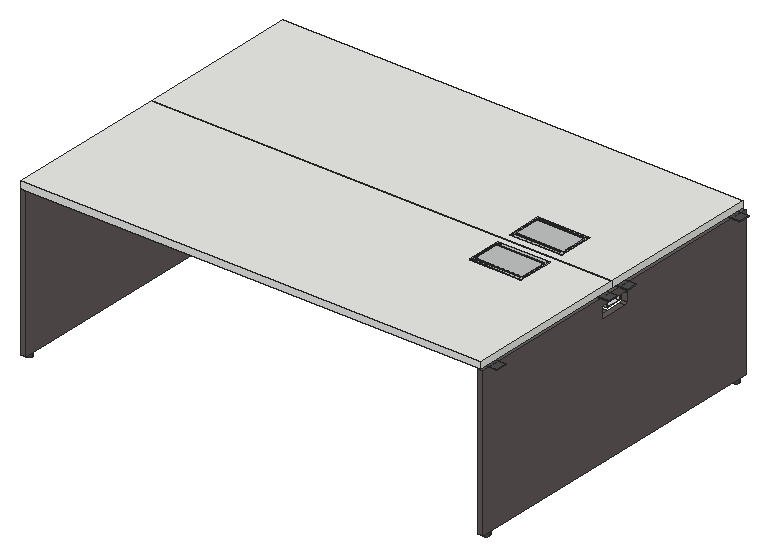
Revit family "Spine_Desks-Teknion-RMDSL_Spine_Desk_Shared_Left_End_Position-R2019", category Furniture, Revit 2019
Family settings
  OmniClass Number = 23.40.20.00
  OmniClass Title = General Furniture and Specialties
  Work Plane-Based = No
  Always vertical = Yes
  Cut with Voids When Loaded = No
  Shared = Yes
  Room Calculation Point = No
Parameters (values of type "Access Door Right, Raised Modesty Panel")
  Worksurface Grommet / Access Door Finish [instance] = Paint - Teknion - Mica - Platinum
  Worksurface Finish [instance] = Foundation Laminate - Teknion - XG - Very White
  Width [instance] = 84.000"
  Warranty = "http://www.teknion.com/ca/papers/legal-canada"
  Unit Weight URL = "http://www.teknion.com/ca/tools/assets#&asset=bee6a381-b954-425e-8283-5a2de3a804f2,f828d448-4b62-4231-9e5f-9a8991c0ed77"
  Underside Plate Offset [instance] = if(Has Full Intermediate Gable, 1.339", 0.610")  # 1.339"
  URL = "www.teknion.com"
  To render please download texture images found here [instance] = "https://assets.teknion.com/web/5e81352c1dfdb467/revit-material-swatches/"
  Sustainability Data = "https://www.teknion.com/ca/tools/assets#&topic=216f99a5-57a0-44fc-b10a-9dee9b29ae4c&asset=444deb64-fe58-4b68-981e-f75e97781df7,b4ff2d81-9f2e-437d-9659-7cffb09c31cf"
  Series = "Expansion Desking"  # constant formula
  Right Access Door = yes
  Product Page URL = "https://www.teknion.com/ca/products/product-details?productLineId=2b4e336e-8e7a-673b-a6c8-ff00004460c4"
  Product Line = "Expansion Desking"  # constant formula
  Product Documentation Link = "https://www.teknion.com/pricing/expansion-desking/pdfs/RMDSL_ppg.pdf"
  Part Number = "RMDSL"  # constant formula
  Modesty Panel and Intermediate Panel Finish [instance] = Veneer - Teknion - VB - Flintwood - Black Walnut
  Model = "RMDSL_RR_____"
  Manufacturer Phone = "416-661-3370"  # constant formula
  Manufacturer Fax = "416.661.4586"  # constant formula
  Manufacturer Contact Information = "http://www.teknion.com/ca/contactus"
  Manufacturer Address = "1150 Flint Road, Toronto, ON. M3J 2J5. Canada"  # constant formula
  Manufacturer = "Teknion"  # constant formula
  Middle Access Door = no
  Left Access Door = no
  Intermediate Gable Options [instance] = "Select one option below:"  # constant formula
  Intermediate Gable Offset [instance] = if(Has Full Intermediate Gable, 0.000", 13.039")  # 0.000"
  How To Use Teknion Materials User Guide [instance] = "https://assets.teknion.com/m/205dd0a49fa58060/original/How-to-add-a-Material-Library-and-Texture-Images-to-your-Revit-project.pdf"
  Has Half Intermediate Gable [instance] = not(Has Full Intermediate Gable)  # no
  Has Full Intermediate Gable [instance] = yes
  Has Full End Gable No Grommet [instance] = not(Has Full End Gable Grommet)  # yes
  Has Full End Gable Grommet [instance] = no
  Full End Gable Grommet Options [instance] = "Select one option below:"  # constant formula
  Full End Gable Finish [instance] = Veneer - Teknion - VB - Flintwood - Black Walnut
  Front Access Panel Cutout Offset [instance] = if(Offset Left Access Door, 15.000", if(Offset Right  Access Door, Width - 15.000", if(Left Access Door, 15.000", if(Middle Access Door, Width / 2, Width - 15.000"))))  # 69.000"
  For Additional Finishes please visit [instance] = "https://assets.teknion.com/m/44a8009b046e5d47/original/Teknion_Materials_Library.zip"
  Offset Right  Access Door = no
  Description = "Spine Desk - Shared - Left-End Position, Raised Modesty Panel, Access Door Right"
  Depth [instance] = 60.000"
  Offset Left Access Door = no
  Connection Node Visibility [instance] = yes
  Center Grommet Cutout [instance] = if(Centered Rectangular Grommet, 3.000", 0.500")  # 0.500"
  Centered Rectangular Grommet = no
  Both End Grommet Cutout [instance] = if(Both Ends Rectangular Grommet, 3.000", 0.500")  # 0.500"
  Back Access Panel Cutout Offset [instance] = if(Offset Left Access Door, Width - 15.000", if(Offset Right  Access Door, 15.000", if(Left Access Door, 15.000", if(Middle Access Door, Width / 2, Width - 15.000"))))  # 69.000"
  Both Ends Rectangular Grommet = no
  Available Width [instance] = if(or(Both Ends Rectangular Grommet, Left Access Door, Right Access Door), "48\", 54\", 60\", 66\", 72\", 78\", or 84\"", if(or(Offset Left Access Door, Offset Right  Access Door), "60\", 66\", 72\", 78\", or 84\"", "30\", 36\", 42\", 48\", 54\", 60\", 66\", 72\", 78\", or 84\""))  # "48\", 54\", 60\", 66\", 72\", 78\", or 84\""
  Available Depth [instance] = "48\", or 60\""  # constant formula
  Assembly Code = "E2020200"
  Access Door Cutout [instance] = if(Access Door, 3.000", 0.500")  # 3.000"
  Access Door = or(Offset Left Access Door, Offset Right  Access Door, Left Access Door, Middle Access Door, Right Access Door)  # yes
Reference planes (in)
  plane 1 "Center Front/Back": y = 0
  plane 2: z = 0
  plane 3 "Center Left/Right": x = 0
  plane 4 "Left": x = -42
  plane 5 "Right": x = 42
  plane 6 "Back": y = 30
  plane 7 "Front": y = -30
  plane 8 "Top": z = 29
  plane 9 "Front Access Panel": x = 27
  plane 10 "Back Access Panel": x = 27
Forms (in)
  Sweep 1, solid, material "Veneer - Teknion - VB - Flintwood - Black Walnut" <- "Modesty Panel and Intermediate Panel Finish"
    path origin (0, 0, 0) x (1, 0, 0) y (0, 0, 1)
      loop
        line (0, 0.60236) -> (0, 27.69134)
    profile origin (0, 0, 14.14685) x (-1, 0, 0) y (0, -1, 0)
      loop
        line (-41.49213, -30) -> (-41.49213, 30) -> (-42.50788, 30) -> (-42.50788, -30) -> (-41.49213, -30)
  Sweep 2, solid, material "Veneer - Teknion - VB - Flintwood - Black Walnut" <- "Modesty Panel and Intermediate Panel Finish"
    path origin (0, 0, 0) x (1, 0, 0) y (0, 0, 1)
      loop
        line (0, 8.8376) -> (0, 23.5626)
    profile origin (0, 0, 16.2001) x (-1, 0, 0) y (0, -1, 0)
      loop
        line (40.98425, -0.50787) -> (40.98425, 0.50787) -> (-41.49213, 0.50787) -> (-41.49213, -0.50787) -> (40.98425, -0.50787)
  Sweep 3, solid, material "Foundation Laminate - Teknion - XG - Very White" <- "Worksurface Finish"
    path origin (0, 0, 0) x (1, 0, 0) y (0, 0, 1)
      loop
        line (0, 27.81102) -> (0, 29)
    profile origin (0, 0, 28.40551) x (-1, 0, 0) y (0, -1, 0)
      loop
        line (42, -30) -> (42, 0) -> (-42, 0) -> (-42, -30) -> (42, -30)
  Sweep 4, solid, material "Foundation Laminate - Teknion - XG - Very White" <- "Worksurface Finish"
    path origin (0, 0, 0) x (1, 0, 0) y (0, 0, 1)
      loop
        line (0, 27.81102) -> (0, 29)
    profile origin (0, 0, 28.40551) x (-1, 0, 0) y (0, -1, 0)
      loop
        line (42, 0) -> (42, 30) -> (-42, 30) -> (-42, 0) -> (42, 0)
  Sweep 5, solid
    path origin (0, 0, 0) x (1, 0, 0) y (0, 1, 0)
      loop
        line (-39, 0) -> (39, 0)
    profile origin (0, 0, 0) x (0, 1, 0) y (0, 0, 1)
      loop
        line (5.14456, 25.62599) -> (5.58984, 24.79327) -> (5.58984, 22.38189) -> (2.91599, 22.38189) -> (2.29137, 23.55663) -> (1.97556, 23.49525) -> (1.96166, 23.56674) -> (1.75495, 23.52657) -> (1.79627, 23.31401) -> (2.00298, 23.35419) -> (1.98908, 23.42568) -> (2.25341, 23.47707) -> (2.87341, 22.31102) -> (5.6607, 22.31102) -> (5.6607, 24.81102) -> (5.11966, 25.82283) -> (4.88189, 25.82283) -> (4.88189, 25.62599) -> (5.14456, 25.62599)
      loop
        line (-5.14456, 25.62599) -> (-4.88189, 25.62599) -> (-4.88189, 25.82283) -> (-5.11966, 25.82283) -> (-5.6607, 24.81102) -> (-5.6607, 22.31102) -> (-2.87341, 22.31102) -> (-2.25341, 23.47707) -> (-1.98908, 23.42568) -> (-2.00298, 23.35419) -> (-1.79627, 23.31401) -> (-1.75495, 23.52657) -> (-1.96166, 23.56674) -> (-1.97556, 23.49525) -> (-2.29137, 23.55663) -> (-2.91599, 22.38189) -> (-5.58984, 22.38189) -> (-5.58984, 24.79327) -> (-5.14456, 25.62599)
  Sweep 6, solid, material "Paint - Teknion - Foundation - Ebony"
    path origin (0, 0, 0) x (1, 0, 0) y (0, 0, 1)
      loop
        line (0, 27.69134) -> (0, 27.81102)
    profile origin (0, 0, 27.75118) x (-1, 0, 0) y (0, -1, 0)
      loop
        line (40.01969, -26.62205) -> (40.01969, -28.62205) -> (41.83071, -28.62205) -> (41.83071, -26.62205) -> (40.01969, -26.62205)
      loop
        line (40.01969, 28.62205) -> (40.01969, 26.62205) -> (41.83071, 26.62205) -> (41.83071, 28.62205) -> (40.01969, 28.62205)
      loop
        line (40.01969, -3.09449) -> (41.83071, -3.09449) -> (41.83071, -1.09449) -> (40.01969, -1.09449) -> (40.01969, -3.09449)
      loop
        line (40.01969, 3.09449) -> (40.01969, 1.09449) -> (41.83071, 1.09449) -> (41.83071, 3.09449) -> (40.01969, 3.09449)
      loop
        line (-40, -3.09449) -> (-40, -1.09449) -> (-44, -1.09449) -> (-44, -3.09449) -> (-40, -3.09449)
      loop
        line (-40, 1.09449) -> (-40, 3.09449) -> (-44, 3.09449) -> (-44, 1.09449) -> (-40, 1.09449)
      loop
        line (-40, -28.661) -> (-40, -26.661) -> (-44, -26.661) -> (-44, -28.661) -> (-40, -28.661)
      loop
        line (-40, 28.661) -> (-44, 28.661) -> (-44, 26.661) -> (-40, 26.661) -> (-40, 28.661)
  Sweep 7, solid, material "Veneer - Teknion - VB - Flintwood - Black Walnut" <- "Full End Gable Finish"
    path origin (0, 0, 0) x (1, 0, 0) y (0, 0, 1)
      loop
        line (0, 27.69134) -> (0, 0.60236)
    profile origin (0, 0, 14.14685) x (0, -1, 0) y (1, 0, 0)
      loop
        line (-30, -40.98425) -> (-30, -42) -> (30, -42) -> (30, -40.98425) -> (-30, -40.98425)
  Sweep 8, void
    path origin (0, 0, 0) x (1, 0, 0) y (0, 1, 0)
      loop
        line (40.5, 0) -> (43.5, 0)
    profile origin (42, 0, 0) x (0, 1, 0) y (0, 0, 1)
      loop
        line (2.53937, 26.45177) -> (-2.53937, 26.45177)
        arc (-2.53937, 26.45177) -> (-2.83191, 26.33046) -> (-2.95276, 26.03772) r 0.41339
        line (-2.95276, 26.03772) -> (-2.95276, 24.50229)
        arc (-2.95276, 24.50229) -> (-2.83144, 24.21041) -> (-2.53937, 24.08957) r 0.41339
        line (-2.53937, 24.08957) -> (2.53937, 24.08957)
        arc (2.53937, 24.08957) -> (2.83168, 24.21065) -> (2.95276, 24.50295) r 0.41339
        line (2.95276, 24.50295) -> (2.95276, 26.03838)
        arc (2.95276, 26.03838) -> (2.83168, 26.33069) -> (2.53937, 26.45177) r 0.41339
  Sweep 9, solid, material "Paint - Teknion - Mica - Platinum" <- "Worksurface Grommet / Access Door Finish", visible <- "Both Ends Rectangular Grommet"
    path origin (0, 0, 0) x (1, 0, 0) y (0, 0, 1)
      loop
        line (0, 29.15748) -> (0, 29)
    profile origin (0, 0, 29.07874) x (0, -1, 0) y (1, 0, 0)
      loop
        line (-6.50077, -40.57716) -> (-3.65671, -40.57716) -> (-3.65671, -37.72893) -> (-6.50077, -37.72893) -> (-6.50077, -40.57716)
      loop
        line (3.65671, -40.57716) -> (6.50077, -40.57716) -> (6.50077, -37.72893) -> (3.65671, -37.72893) -> (3.65671, -40.57716)
      loop
        line (-6.50077, 37.72893) -> (-3.65671, 37.72893) -> (-3.65671, 40.57716) -> (-6.50077, 40.57716) -> (-6.50077, 37.72893)
      loop
        line (3.65671, 37.72893) -> (6.50077, 37.72893) -> (6.50077, 40.57716) -> (3.65671, 40.57716) -> (3.65671, 37.72893)
  Sweep 10, solid, material "Paint - Teknion - Mica - Platinum" <- "Worksurface Grommet / Access Door Finish", visible <- "Both Ends Rectangular Grommet"
    path origin (0, 0, 0) x (1, 0, 0) y (0, 0, 1)
      loop
        line (0, 29.15748) -> (0, 29)
    profile origin (0, 0, 29.07874) x (0, -1, 0) y (1, 0, 0)
      loop
        line (-6.50077, -37.72893) -> (-5.29141, -37.72893) -> (-5.29141, -35.45033) -> (-4.86607, -35.45033) -> (-4.86607, -37.72893) -> (-3.65671, -37.72893) -> (-3.65671, -33.92284) -> (-6.50077, -33.92284) -> (-6.50077, -37.72893)
      loop
        line (6.50077, -37.72893) -> (6.50077, -33.92284) -> (3.65671, -33.92284) -> (3.65671, -37.72893) -> (4.86607, -37.72893) -> (4.86607, -35.45033) -> (5.29141, -35.45033) -> (5.29141, -37.72893) -> (6.50077, -37.72893)
      loop
        line (-6.50077, 37.72893) -> (-6.50077, 33.92284) -> (-3.65671, 33.92284) -> (-3.65671, 37.72893) -> (-4.86607, 37.72893) -> (-4.86607, 35.45033) -> (-5.29141, 35.45033) -> (-5.29141, 37.72893) -> (-6.50077, 37.72893)
      loop
        line (6.50077, 37.72893) -> (5.29141, 37.72893) -> (5.29141, 35.45033) -> (4.86607, 35.45033) -> (4.86607, 37.72893) -> (3.65671, 37.72893) -> (3.65671, 33.92284) -> (6.50077, 33.92284) -> (6.50077, 37.72893)
  Sweep 11, solid, material "Paint - Teknion - Mica - Platinum" <- "Worksurface Grommet / Access Door Finish", visible <- "Centered Rectangular Grommet"
    path origin (0, 0, 0) x (1, 0, 0) y (0, 0, 1)
      loop
        line (0, 29) -> (0, 29.15748)
    profile origin (0, 0, 29.07874) x (-1, 0, 0) y (0, -1, 0)
      loop
        line (3.32716, -6.50077) -> (3.32716, -3.65671) -> (0.47893, -3.65671) -> (0.47893, -6.50077) -> (3.32716, -6.50077)
      loop
        line (-0.47893, 3.65671) -> (-0.47893, 6.50077) -> (-3.32716, 6.50077) -> (-3.32716, 3.65671) -> (-0.47893, 3.65671)
  Sweep 12, solid, material "Paint - Teknion - Mica - Platinum" <- "Worksurface Grommet / Access Door Finish", visible <- "Centered Rectangular Grommet"
    path origin (0, 0, 0) x (1, 0, 0) y (0, 0, 1)
      loop
        line (0, 29) -> (0, 29.15748)
    profile origin (0, 0, 29.07874) x (-1, 0, 0) y (0, -1, 0)
      loop
        line (0.47893, -6.50077) -> (0.47893, -5.29141) -> (-1.79967, -5.29141) -> (-1.79967, -4.86607) -> (0.47893, -4.86607) -> (0.47893, -3.65671) -> (-3.32716, -3.65671) -> (-3.32716, -6.50077) -> (0.47893, -6.50077)
      loop
        line (-0.47893, 6.50077) -> (-0.47893, 5.29141) -> (1.79967, 5.29141) -> (1.79967, 4.86607) -> (-0.47893, 4.86607) -> (-0.47893, 3.65671) -> (3.32716, 3.65671) -> (3.32716, 6.50077) -> (-0.47893, 6.50077)
  Sweep 13, solid, material "Paint - Teknion - Mica - Platinum" <- "Worksurface Grommet / Access Door Finish", visible <- "Access Door"
    path origin (0, 0, 0) x (1, 0, 0) y (0, 0, 1)
      loop
        line (0, 29.07874) -> (0, 29)
    profile origin (0, 0, 29.03937) x (0, -1, 0) y (1, 0, 0)
      loop
        line (1.39665, 22.27559) -> (7.85335, 22.27559) -> (7.85335, 31.72441) -> (1.39665, 31.72441) -> (1.39665, 22.27559)
      loop
        line (7.53839, 22.59055) -> (7.53839, 31.40945) -> (1.71161, 31.40945) -> (1.71161, 22.59055) -> (7.53839, 22.59055)
      loop
        line (2.24311, 22.62992) -> (7.00689, 22.62992) -> (7.00689, 31.37008) -> (2.24311, 31.37008) -> (2.24311, 22.62992)
      loop
        line (-1.39665, 31.72441) -> (-7.85335, 31.72441) -> (-7.85335, 22.27559) -> (-1.39665, 22.27559) -> (-1.39665, 31.72441)
      loop
        line (-7.53839, 31.40945) -> (-7.53839, 22.59055) -> (-1.71161, 22.59055) -> (-1.71161, 31.40945) -> (-7.53839, 31.40945)
      loop
        line (-2.24311, 31.37008) -> (-7.00689, 31.37008) -> (-7.00689, 22.62992) -> (-2.24311, 22.62992) -> (-2.24311, 31.37008)
  Sweep 14, void
    path origin (0, 0, 0) x (1, 0, 0) y (0, 0, 1)
      loop
        line (0, 30) -> (0, 27)
    profile origin (0, 0, 28.5) x (0, -1, 0) y (1, 0, 0)
      loop
        line (1.8937, 22.375) -> (7.3563, 22.375)
        arc (7.3563, 22.375) -> (7.63469, 22.49031) -> (7.75, 22.7687) r 0.3937
        line (7.75, 22.7687) -> (7.75, 31.2313)
        arc (7.75, 31.2313) -> (7.63469, 31.50969) -> (7.3563, 31.625) r 0.3937
        line (7.3563, 31.625) -> (1.8937, 31.625)
        arc (1.8937, 31.625) -> (1.61531, 31.50969) -> (1.5, 31.2313) r 0.3937
        line (1.5, 31.2313) -> (1.5, 22.7687)
        arc (1.5, 22.7687) -> (1.61531, 22.49031) -> (1.8937, 22.375) r 0.3937
      loop
        line (-7.3563, 22.375) -> (-1.8937, 22.375)
        arc (-1.8937, 22.375) -> (-1.61531, 22.49031) -> (-1.5, 22.7687) r 0.3937
        line (-1.5, 22.7687) -> (-1.5, 31.2313)
        arc (-1.5, 31.2313) -> (-1.61531, 31.50969) -> (-1.8937, 31.625) r 0.3937
        line (-1.8937, 31.625) -> (-7.3563, 31.625)
        arc (-7.3563, 31.625) -> (-7.63469, 31.50969) -> (-7.75, 31.2313) r 0.3937
        line (-7.75, 31.2313) -> (-7.75, 22.7687)
        arc (-7.75, 22.7687) -> (-7.63469, 22.49031) -> (-7.3563, 22.375) r 0.3937
  Sweep 15, void
    path origin (0, 0, 0) x (1, 0, 0) y (0, 0, 1)
      loop
        line (0, 29.5) -> (0, 30)
    profile origin (0, 0, 29.75) x (-1, 0, 0) y (0, -1, 0)
      loop
        line (0.29194, -6.10495) -> (2.1422, -5.57859)
        arc (2.1422, -5.57859) -> (2.51969, -5.07874) -> (2.1422, -4.57889) r 0.51969
        line (2.1422, -4.57889) -> (0.29194, -4.05253)
        arc (0.29194, -4.05253) -> (0, -4.01181) -> (-0.29194, -4.05253) r 1.06693
        line (-0.29194, -4.05253) -> (-2.1422, -4.57889)
        arc (-2.1422, -4.57889) -> (-2.51968, -5.07874) -> (-2.1422, -5.57859) r 0.51969
        line (-2.1422, -5.57859) -> (-0.29194, -6.10495)
        arc (-0.29194, -6.10495) -> (0, -6.14567) -> (0.29194, -6.10495) r 1.06693
      loop
        line (0.29194, 4.05253) -> (2.1422, 4.57889)
        arc (2.1422, 4.57889) -> (2.51968, 5.07874) -> (2.1422, 5.57859) r 0.51969
        line (2.1422, 5.57859) -> (0.29194, 6.10495)
        arc (0.29194, 6.10495) -> (0, 6.14567) -> (-0.29194, 6.10495) r 1.06693
        line (-0.29194, 6.10495) -> (-2.1422, 5.57859)
        arc (-2.1422, 5.57859) -> (-2.51969, 5.07874) -> (-2.1422, 4.57889) r 0.51969
        line (-2.1422, 4.57889) -> (-0.29194, 4.05253)
        arc (-0.29194, 4.05253) -> (0, 4.01181) -> (0.29194, 4.05253) r 1.06693
  Sweep 16, void
    path origin (0, 0, 0) x (1, 0, 0) y (0, 0, 1)
      loop
        line (0, 30) -> (0, 29.5)
    profile origin (0, 0, 29.75) x (0, -1, 0) y (1, 0, 0)
      loop
        line (-6.10495, -37.54194) -> (-5.57859, -39.3922)
        arc (-5.57859, -39.3922) -> (-5.07874, -39.76968) -> (-4.57889, -39.3922) r 0.51969
        line (-4.57889, -39.3922) -> (-4.05253, -37.54194)
        arc (-4.05253, -37.54194) -> (-4.01181, -37.25) -> (-4.05253, -36.95806) r 1.06693
        line (-4.05253, -36.95806) -> (-4.57889, -35.1078)
        arc (-4.57889, -35.1078) -> (-5.07874, -34.73032) -> (-5.57859, -35.1078) r 0.51969
        line (-5.57859, -35.1078) -> (-6.10495, -36.95806)
        arc (-6.10495, -36.95806) -> (-6.14567, -37.25) -> (-6.10495, -37.54194) r 1.06693
      loop
        line (4.05253, -37.54193) -> (4.57889, -39.3922)
        arc (4.57889, -39.3922) -> (5.07874, -39.76968) -> (5.57859, -39.3922) r 0.51969
        line (5.57859, -39.3922) -> (6.10495, -37.54193)
        arc (6.10495, -37.54193) -> (6.14567, -37.25) -> (6.10495, -36.95806) r 1.06693
        line (6.10495, -36.95806) -> (5.57859, -35.1078)
        arc (5.57859, -35.1078) -> (5.07874, -34.73031) -> (4.57889, -35.1078) r 0.51969
        line (4.57889, -35.1078) -> (4.05253, -36.95806)
        arc (4.05253, -36.95806) -> (4.01181, -37.25) -> (4.05253, -37.54193) r 1.06693
      loop
        line (-6.10495, 36.95807) -> (-5.57859, 35.1078)
        arc (-5.57859, 35.1078) -> (-5.07874, 34.73032) -> (-4.57889, 35.1078) r 0.51969
        line (-4.57889, 35.1078) -> (-4.05253, 36.95807)
        arc (-4.05253, 36.95807) -> (-4.01181, 37.25) -> (-4.05253, 37.54194) r 1.06693
        line (-4.05253, 37.54194) -> (-4.57889, 39.3922)
        arc (-4.57889, 39.3922) -> (-5.07874, 39.76969) -> (-5.57859, 39.3922) r 0.51969
        line (-5.57859, 39.3922) -> (-6.10495, 37.54194)
        arc (-6.10495, 37.54194) -> (-6.14567, 37.25) -> (-6.10495, 36.95807) r 1.06693
      loop
        line (4.05253, 36.95807) -> (4.57889, 35.10781)
        arc (4.57889, 35.10781) -> (5.07874, 34.73032) -> (5.57859, 35.10781) r 0.51969
        line (5.57859, 35.10781) -> (6.10495, 36.95807)
        arc (6.10495, 36.95807) -> (6.14567, 37.25) -> (6.10495, 37.54194) r 1.06693
        line (6.10495, 37.54194) -> (5.57859, 39.3922)
        arc (5.57859, 39.3922) -> (5.07874, 39.76969) -> (4.57889, 39.3922) r 0.51969
        line (4.57889, 39.3922) -> (4.05253, 37.54194)
        arc (4.05253, 37.54194) -> (4.01181, 37.25) -> (4.05253, 36.95807) r 1.06693
  Sweep 17, solid, material "Paint - Teknion - Mica - Platinum" <- "Worksurface Grommet / Access Door Finish", visible <- "Has Full End Gable Grommet"
    path origin (0, 0, 0) x (1, 0, 0) y (0, 1, 0)
      loop
        line (-42, 0) -> (-42.05906, 0)
    profile origin (-42.02953, 0, 0) x (0, -1, 0) y (0, 0, 1)
      loop
        arc (-3.89567, 26.38878) -> (-4.7874, 26.51116) -> (-5.67913, 26.38878) r 3.3101
        line (-5.67913, 26.38878) -> (-5.67913, 22.38091)
        arc (-5.67913, 22.38091) -> (-4.7874, 22.25853) -> (-3.89567, 22.38091) r 3.3101
        line (-3.89567, 22.38091) -> (-3.89567, 26.38878)
      loop
        line (3.89567, 26.38878) -> (3.89567, 22.38091)
        arc (3.89567, 22.38091) -> (4.7874, 22.25853) -> (5.67913, 22.38091) r 3.3101
        line (5.67913, 22.38091) -> (5.67913, 26.38878)
        arc (5.67913, 26.38878) -> (4.7874, 26.51116) -> (3.89567, 26.38878) r 3.3101
  Sweep 18, solid, material "Plastic - Teknion - E - Ebony"
    path origin (0, 0, 0) x (1, 0, 0) y (0, 0, 1)
      loop
        line (0, 0) -> (0, 0.60236)
    profile origin (0, 0, 0.30118) x (-1, 0, 0) y (0, -1, 0)
      loop
        circle (41.49213, -28.50067) r 0.5
      loop
        circle (41.49213, 28.50067) r 0.5
      loop
        circle (-42, 28.49929) r 0.5
      loop
        circle (-42, -28.49929) r 0.5
Cuts and joins
  Sweep 8 cuts Sweep 1
  Sweep 14, Sweep 15, Sweep 16 cuts Sweep 3
  Sweep 14, Sweep 15, Sweep 16 cuts Sweep 4
Lines and regions (in)
  Masking region 1
    outline origin (0, 0, 0) x (1, 0, 0) y (0, 1, 0)
      loop
        line (-42, -30) -> (42, -30) -> (42, 0) -> (-42, 0) -> (-42, -30)
  Masking region 2
    outline origin (0, 0, 0) x (1, 0, 0) y (0, 1, 0)
      loop
        line (42, 30) -> (-42, 30) -> (-42, 0) -> (42, 0) -> (42, 30)
  symbolic lines, visible <- "Access Door"
    curve 1: line (22.27559, -1.39665, 0) -> (22.27559, -7.85335, 0)
    curve 2: line (22.27559, -7.85335, 0) -> (31.72441, -7.85335, 0)
    curve 3: line (31.72441, -7.85335, 0) -> (31.72441, -1.39665, 0)
    curve 4: line (31.72441, -1.39665, 0) -> (22.27559, -1.39665, 0)
    curve 5: line (22.59055, -7.53839, 0) -> (22.59055, -1.71161, 0)
    curve 6: line (22.59055, -1.71161, 0) -> (31.40945, -1.71161, 0)
    curve 7: line (31.40945, -1.71161, 0) -> (31.40945, -7.53839, 0)
    curve 8: line (31.40945, -7.53839, 0) -> (22.59055, -7.53839, 0)
    curve 9: line (22.62992, -7.00689, 0) -> (31.37008, -7.00689, 0)
    curve 10: line (31.37008, -7.00689, 0) -> (31.37008, -2.24311, 0)
    curve 11: line (31.37008, -2.24311, 0) -> (22.62992, -2.24311, 0)
    curve 12: line (22.62992, -2.24311, 0) -> (22.62992, -7.00689, 0)
    curve 13: line (31.72441, 7.85335, 0) -> (22.27559, 7.85335, 0)
    curve 14: line (22.27559, 7.85335, 0) -> (22.27559, 1.39665, 0)
    curve 15: line (22.27559, 1.39665, 0) -> (31.72441, 1.39665, 0)
    curve 16: line (31.72441, 1.39665, 0) -> (31.72441, 7.85335, 0)
    curve 17: line (22.59055, 7.53839, 0) -> (31.40945, 7.53839, 0)
    curve 18: line (31.40945, 7.53839, 0) -> (31.40945, 1.71161, 0)
    curve 19: line (31.40945, 1.71161, 0) -> (22.59055, 1.71161, 0)
    curve 20: line (22.59055, 1.71161, 0) -> (22.59055, 7.53839, 0)
    curve 21: line (31.37008, 7.00689, 0) -> (22.62992, 7.00689, 0)
    curve 22: line (22.62992, 7.00689, 0) -> (22.62992, 2.24311, 0)
    curve 23: line (22.62992, 2.24311, 0) -> (31.37008, 2.24311, 0)
    curve 24: line (31.37008, 2.24311, 0) -> (31.37008, 7.00689, 0)
  symbolic lines, visible <- "Both Ends Rectangular Grommet"
    curve 25: line (-37.72893, 6.50077, 0) -> (-40.57716, 6.50077, 0)
    curve 26: line (-40.57716, 6.50077, 0) -> (-40.57716, 3.65671, 0)
    curve 27: line (-40.57716, 3.65671, 0) -> (-37.72893, 3.65671, 0)
    curve 28: line (-37.72893, 3.65671, 0) -> (-37.72893, 6.50077, 0)
    curve 29: line (-37.72893, -3.65671, 0) -> (-40.57716, -3.65671, 0)
    curve 30: line (-40.57716, -3.65671, 0) -> (-40.57716, -6.50077, 0)
    curve 31: line (-40.57716, -6.50077, 0) -> (-37.72893, -6.50077, 0)
    curve 32: line (-37.72893, -6.50077, 0) -> (-37.72893, -3.65671, 0)
    curve 33: line (-33.92284, -3.65671, 0) -> (-37.72893, -3.65671, 0)
    curve 34: line (-37.72893, -3.65671, 0) -> (-37.72893, -4.86607, 0)
    curve 35: line (-37.72893, -4.86607, 0) -> (-35.45033, -4.86607, 0)
    curve 36: line (-35.45033, -4.86607, 0) -> (-35.45033, -5.29141, 0)
    curve 37: line (-35.45033, -5.29141, 0) -> (-37.72893, -5.29141, 0)
    curve 38: line (-37.72893, -5.29141, 0) -> (-37.72893, -6.50077, 0)
    curve 39: line (-37.72893, -6.50077, 0) -> (-33.92284, -6.50077, 0)
    curve 40: line (-33.92284, -6.50077, 0) -> (-33.92284, -3.65671, 0)
    curve 41: line (-33.92284, 6.50077, 0) -> (-37.72893, 6.50077, 0)
    curve 42: line (-37.72893, 6.50077, 0) -> (-37.72893, 5.29141, 0)
    curve 43: line (-37.72893, 5.29141, 0) -> (-35.45033, 5.29141, 0)
    curve 44: line (-35.45033, 5.29141, 0) -> (-35.45033, 4.86607, 0)
    curve 45: line (-35.45033, 4.86607, 0) -> (-37.72893, 4.86607, 0)
    curve 46: line (-37.72893, 4.86607, 0) -> (-37.72893, 3.65671, 0)
    curve 47: line (-37.72893, 3.65671, 0) -> (-33.92284, 3.65671, 0)
    curve 48: line (-33.92284, 3.65671, 0) -> (-33.92284, 6.50077, 0)
    curve 49: line (40.57716, 6.50077, 0) -> (37.72893, 6.50077, 0)
    curve 50: line (37.72893, 6.50077, 0) -> (37.72893, 3.65671, 0)
    curve 51: line (37.72893, 3.65671, 0) -> (40.57716, 3.65671, 0)
    curve 52: line (40.57716, 3.65671, 0) -> (40.57716, 6.50077, 0)
    curve 53: line (37.72893, 6.50077, 0) -> (33.92284, 6.50077, 0)
    curve 54: line (33.92284, 6.50077, 0) -> (33.92284, 3.65671, 0)
    curve 55: line (33.92284, 3.65671, 0) -> (37.72893, 3.65671, 0)
    curve 56: line (37.72893, 3.65671, 0) -> (37.72893, 4.86607, 0)
    curve 57: line (37.72893, 4.86607, 0) -> (35.45033, 4.86607, 0)
    curve 58: line (35.45033, 4.86607, 0) -> (35.45033, 5.29141, 0)
    curve 59: line (35.45033, 5.29141, 0) -> (37.72893, 5.29141, 0)
    curve 60: line (37.72893, 5.29141, 0) -> (37.72893, 6.50077, 0)
    curve 61: line (40.57716, -3.65671, 0) -> (37.72893, -3.65671, 0)
    curve 62: line (37.72893, -3.65671, 0) -> (37.72893, -6.50077, 0)
    curve 63: line (37.72893, -6.50077, 0) -> (40.57716, -6.50077, 0)
    curve 64: line (40.57716, -6.50077, 0) -> (40.57716, -3.65671, 0)
    curve 65: line (37.72893, -3.65671, 0) -> (33.92284, -3.65671, 0)
    curve 66: line (33.92284, -3.65671, 0) -> (33.92284, -6.50077, 0)
    curve 67: line (33.92284, -6.50077, 0) -> (37.72893, -6.50077, 0)
    curve 68: line (37.72893, -6.50077, 0) -> (37.72893, -5.29141, 0)
    curve 69: line (37.72893, -5.29141, 0) -> (35.45033, -5.29141, 0)
    curve 70: line (35.45033, -5.29141, 0) -> (35.45033, -4.86607, 0)
    curve 71: line (35.45033, -4.86607, 0) -> (37.72893, -4.86607, 0)
    curve 72: line (37.72893, -4.86607, 0) -> (37.72893, -3.65671, 0)
  symbolic lines, visible <- "Centered Rectangular Grommet"
    curve 73: line (-0.47893, 6.50077, 0) -> (-3.32716, 6.50077, 0)
    curve 74: line (-3.32716, 6.50077, 0) -> (-3.32716, 3.65671, 0)
    curve 75: line (-3.32716, 3.65671, 0) -> (-0.47893, 3.65671, 0)
    curve 76: line (-0.47893, 3.65671, 0) -> (-0.47893, 6.50077, 0)
    curve 77: line (3.32716, -3.65671, 0) -> (0.47893, -3.65671, 0)
    curve 78: line (0.47893, -3.65671, 0) -> (0.47893, -6.50077, 0)
    curve 79: line (0.47893, -6.50077, 0) -> (3.32716, -6.50077, 0)
    curve 80: line (3.32716, -6.50077, 0) -> (3.32716, -3.65671, 0)
    curve 81: line (0.47893, -3.65671, 0) -> (-3.32716, -3.65671, 0)
    curve 82: line (-3.32716, -3.65671, 0) -> (-3.32716, -6.50077, 0)
    curve 83: line (-3.32716, -6.50077, 0) -> (0.47893, -6.50077, 0)
    curve 84: line (0.47893, -6.50077, 0) -> (0.47893, -5.29141, 0)
    curve 85: line (0.47893, -5.29141, 0) -> (-1.79967, -5.29141, 0)
    curve 86: line (-1.79967, -5.29141, 0) -> (-1.79967, -4.86607, 0)
    curve 87: line (-1.79967, -4.86607, 0) -> (0.47893, -4.86607, 0)
    curve 88: line (0.47893, -4.86607, 0) -> (0.47893, -3.65671, 0)
    curve 89: line (-0.47893, 3.65671, 0) -> (3.32716, 3.65671, 0)
    curve 90: line (3.32716, 3.65671, 0) -> (3.32716, 6.50077, 0)
    curve 91: line (3.32716, 6.50077, 0) -> (-0.47893, 6.50077, 0)
    curve 92: line (-0.47893, 6.50077, 0) -> (-0.47893, 5.29141, 0)
    curve 93: line (-0.47893, 5.29141, 0) -> (1.79967, 5.29141, 0)
    curve 94: line (1.79967, 5.29141, 0) -> (1.79967, 4.86607, 0)
    curve 95: line (1.79967, 4.86607, 0) -> (-0.47893, 4.86607, 0)
    curve 96: line (-0.47893, 4.86607, 0) -> (-0.47893, 3.65671, 0)
  symbolic lines, style "FurnitureHiddenLines", detail levels medium+fine
    curve 97: line (-40.98425, -30, 0) -> (-40.98425, 30, 0)
    curve 98: line (41.49213, 0.50787, 0) -> (-40.98425, 0.50787, 0)
    curve 99: line (-40.98425, -0.50787, 0) -> (41.49213, -0.50787, 0)
    curve 100: line (42.50788, -30, 0) -> (42.50788, 30, 0)
    curve 101: line (42.50788, 30, 0) -> (41.49213, 30, 0)
    curve 102: line (41.49213, 30, 0) -> (41.49213, -30, 0)
    curve 103: line (41.49213, -30, 0) -> (42.50788, -30, 0)
    curve 104: line (-40.01969, -26.62205, 0) -> (-41.83071, -26.62205, 0)
    curve 105: line (-41.83071, -26.62205, 0) -> (-41.83071, -28.62205, 0)
    curve 106: line (-41.83071, -28.62205, 0) -> (-40.01969, -28.62205, 0)
    curve 107: line (-40.01969, -28.62205, 0) -> (-40.01969, -26.62205, 0)
    curve 108: line (-40.01969, -1.09449, 0) -> (-41.83071, -1.09449, 0)
    curve 109: line (-41.83071, -1.09449, 0) -> (-41.83071, -3.09449, 0)
    curve 110: line (-41.83071, -3.09449, 0) -> (-40.01969, -3.09449, 0)
    curve 111: line (-40.01969, -3.09449, 0) -> (-40.01969, -1.09449, 0)
    curve 112: line (-40.01969, 3.09449, 0) -> (-41.83071, 3.09449, 0)
    curve 113: line (-41.83071, 3.09449, 0) -> (-41.83071, 1.09449, 0)
    curve 114: line (-41.83071, 1.09449, 0) -> (-40.01969, 1.09449, 0)
    curve 115: line (-40.01969, 1.09449, 0) -> (-40.01969, 3.09449, 0)
    curve 116: line (-40.01969, 28.62205, 0) -> (-41.83071, 28.62205, 0)
    curve 117: line (-41.83071, 28.62205, 0) -> (-41.83071, 26.62205, 0)
    curve 118: line (-41.83071, 26.62205, 0) -> (-40.01969, 26.62205, 0)
    curve 119: line (-40.01969, 26.62205, 0) -> (-40.01969, 28.62205, 0)
    curve 120: line (40, 28.661, 0) -> (40, 26.661, 0)
    curve 121: line (40, 26.661, 0) -> (44, 26.661, 0)
    curve 122: line (44, 26.661, 0) -> (44, 28.661, 0)
    curve 123: line (44, 28.661, 0) -> (40, 28.661, 0)
    curve 124: line (44, 3.09449, 0) -> (40, 3.09449, 0)
    curve 125: line (40, 3.09449, 0) -> (40, 1.09449, 0)
    curve 126: line (40, 1.09449, 0) -> (44, 1.09449, 0)
    curve 127: line (44, 1.09449, 0) -> (44, 3.09449, 0)
    curve 128: line (44, -1.09449, 0) -> (40, -1.09449, 0)
    curve 129: line (40, -1.09449, 0) -> (40, -3.09449, 0)
    curve 130: line (40, -3.09449, 0) -> (44, -3.09449, 0)
    curve 131: line (44, -3.09449, 0) -> (44, -1.09449, 0)
    curve 132: line (44, -26.661, 0) -> (40, -26.661, 0)
    curve 133: line (40, -26.661, 0) -> (40, -28.661, 0)
    curve 134: line (40, -28.661, 0) -> (44, -28.661, 0)
    curve 135: line (44, -28.661, 0) -> (44, -26.661, 0)
    curve 136: line (39, 5.6607, 0) -> (-39, 5.6607, 0)
    curve 137: line (39, 1.75495, 0) -> (-39, 1.75495, 0)
    curve 138: line (-39, 5.6607, 0) -> (-39, 1.75495, 0)
    curve 139: line (39, 5.6607, 0) -> (39, 1.75495, 0)
    curve 140: line (39, -1.75495, 0) -> (-39, -1.75495, 0)
    curve 141: line (-39, -5.6607, 0) -> (39, -5.6607, 0)
    curve 142: line (39, -1.75495, 0) -> (39, -5.6607, 0)
    curve 143: line (-39, -1.75495, 0) -> (-39, -5.6607, 0)
  symbolic lines, style "FurnitureHiddenLines", detail levels fine
    curve 144: arc (-41.99213, 28.50067, 0) -> (-41.49213, 28.00067, 0) -> (-40.99213, 28.50067, 0) r 0.5
    curve 145: arc (-40.99213, 28.50067, 0) -> (-41.49213, 29.00067, 0) -> (-41.99213, 28.50067, 0) r 0.5
    curve 146: arc (-40.99213, -28.50067, 0) -> (-41.49213, -28.00067, 0) -> (-41.99213, -28.50067, 0) r 0.5
    curve 147: arc (-41.99213, -28.50067, 0) -> (-41.49213, -29.00067, 0) -> (-40.99213, -28.50067, 0) r 0.5
    curve 148: arc (42.5, -28.49929, 0) -> (42, -27.99929, 0) -> (41.5, -28.49929, 0) r 0.5
    curve 149: arc (41.5, -28.49929, 0) -> (42, -28.99929, 0) -> (42.5, -28.49929, 0) r 0.5
    curve 150: arc (41.5, 28.49929, 0) -> (42, 27.99929, 0) -> (42.5, 28.49929, 0) r 0.5
    curve 151: arc (42.5, 28.49929, 0) -> (42, 28.99929, 0) -> (41.5, 28.49929, 0) r 0.5
  reference lines
    curve 152: line (-42, 30, 0) -> (42.50787, 30, 0)
    curve 153: line (42, 30, 0) -> (42, -30, 0)
    curve 154: line (-42, -30, 0) -> (42, -30, 0)
    curve 155: line (-42, 30, 0) -> (-42, -30, 0)
Dimensions and locks (in)
  "Width": plane 4 "Left" to plane 5 "Right"
  "Depth": plane 6 "Back" to plane 7 "Front"
  locked: plane 8 "Top" to level at 29
  equal spacing: plane 4 "Left", plane 3 "Center Left/Right", plane 5 "Right"
  equal spacing: plane 6 "Back", plane 1 "Center Front/Back", plane 7 "Front"
  locked: Sweep 1 sketch curve to level at 0.60236
  locked: plane 8 "Top" to Sweep 1 sketch curve at 1.30866
  Sweep 1 sketch curve to plane 5 "Right" to Sweep 1 sketch curve = 0.50787" locked, 0.50787" locked
  "Intermediate Gable Offset": plane 7 "Front" to Sweep 1 sketch curve
  "Intermediate Gable Offset": plane 6 "Back" to Sweep 1 sketch curve
  Sweep 2 sketch curve to Sweep 2 sketch curve to level = 14.725" locked, 8.8376" locked
  locked: Sweep 2 sketch curve to plane 5 "Right" at 0.50787
  locked: plane 4 "Left" to Sweep 2 sketch curve at 1.01575
  Sweep 2 sketch curve to plane 1 "Center Front/Back" to Sweep 2 sketch curve = 0.50787" locked, 0.50787" locked
  Sweep 3 sketch curve to plane 8 "Top" to Sweep 3 sketch curve = 0.000" locked, 1.18898" locked
  Sweep 4 sketch curve to plane 8 "Top" to Sweep 4 sketch curve = 0.000" locked, 1.18898" locked
  locked: plane 4 "Left" to Sweep 5 sketch curve at 3
  locked: Sweep 5 sketch curve to plane 5 "Right" at 3
  Sweep 5 sketch curve to Sweep 5 sketch curve to Sweep 5 sketch curve to Sweep 5 sketch curve to Sweep 5 sketch curve to Sweep 5 sketch curve to Sweep 5 sketch curve to Sweep 5 sketch curve to Sweep 5 sketch curve to Sweep 5 sketch curve to Sweep 5 sketch curve to Sweep 5 sketch curve to Sweep 5 sketch curve to Sweep 5 sketch curve to Sweep 5 sketch curve to plane 1 "Center Front/Back" to Sweep 5 sketch curve to Sweep 5 sketch curve to Sweep 5 sketch curve to Sweep 5 sketch curve to Sweep 5 sketch curve to Sweep 5 sketch curve to Sweep 5 sketch curve to Sweep 5 sketch curve to Sweep 5 sketch curve to Sweep 5 sketch curve to Sweep 5 sketch curve to Sweep 5 sketch curve to Sweep 5 sketch curve to Sweep 5 sketch curve to Sweep 5 sketch curve = 0.07087" locked, 0.44528" locked, 0.0249" locked, 0.23777" locked, 1.9659" locked, 0.04258" locked, 0.58204" locked, 0.03795" locked, 0.25044" locked, 0.0139" locked, 0.01352" locked, 0.0139" locked, 0.16539" locked, 0.04132" locked, 1.75495" locked, 1.75495" locked, 0.04132" locked, 0.16539" locked, 0.0139" locked, 0.01352" locked, 0.0139" locked, 0.25044" locked, 0.03795" locked, 0.58204" locked, 0.04258" locked, 1.9659" locked, 0.23777" locked, 0.0249" locked, 0.44528" locked, 0.07087" locked
  plane 8 "Top" to Sweep 5 sketch curve to Sweep 5 sketch curve to Sweep 5 sketch curve to Sweep 5 sketch curve to Sweep 5 sketch curve to Sweep 5 sketch curve to Sweep 5 sketch curve to Sweep 5 sketch curve to Sweep 5 sketch curve to Sweep 5 sketch curve to Sweep 5 sketch curve to Sweep 5 sketch curve to Sweep 5 sketch curve to Sweep 5 sketch curve to Sweep 5 sketch curve to Sweep 5 sketch curve to Sweep 5 sketch curve to Sweep 5 sketch curve to Sweep 5 sketch curve to Sweep 5 sketch curve to Sweep 5 sketch curve to Sweep 5 sketch curve to Sweep 5 sketch curve to Sweep 5 sketch curve to Sweep 5 sketch curve to Sweep 5 sketch curve to Sweep 5 sketch curve to Sweep 5 sketch curve = 3.17717" locked, 0.000" locked, 0.19685" locked, 0.000" locked, 0.81496" locked, 0.000" locked, 0.01776" locked, 0.000" locked, 1.22652" locked, 0.000" locked, 0.01011" locked, 0.000" locked, 0.03007" locked, 0.000" locked, 0.03132" locked, 0.000" locked, 0.01818" locked, 0.000" locked, 0.05138" locked, 0.000" locked, 0.0715" locked, 0.000" locked, 0.04018" locked, 0.000" locked, 0.93212" locked, 0.000" locked, 0.07087" locked, 0.000" locked
  plane 8 "Top" to Sweep 6 sketch curve to Sweep 6 sketch curve = 1.18898" locked, 0.11969" locked
  plane 6 "Back" to Sweep 6 sketch curve to Sweep 6 sketch curve = 1.37795" locked, 2.000" locked
  plane 4 "Left" to Sweep 6 sketch curve to Sweep 6 sketch curve = 0.16929" locked, 1.81102" locked  (x2)
  Sweep 6 sketch curve to Sweep 6 sketch curve to plane 1 "Center Front/Back" to Sweep 6 sketch curve to Sweep 6 sketch curve = 2.000" locked, 1.09449" locked, 1.09449" locked, 2.000" locked  (x2)
  plane 4 "Left" to Sweep 6 sketch curve to Sweep 6 sketch curve to Sweep 6 sketch curve to Sweep 6 sketch curve = 0.16929" locked, 0.000" locked, 1.81102" locked, 0.000" locked
  plane 7 "Front" to Sweep 6 sketch curve to Sweep 6 sketch curve = 1.37795" locked, 2.000" locked
  Sweep 6 sketch curve to Sweep 6 sketch curve to Sweep 6 sketch curve to Sweep 6 sketch curve to plane 5 "Right" to Sweep 6 sketch curve to Sweep 6 sketch curve to Sweep 6 sketch curve to Sweep 6 sketch curve = 0.000" locked, 0.000" locked, 0.000" locked, 2.000" locked, 2.000" locked, 0.000" locked, 0.000" locked, 0.000" locked
  Sweep 7 sketch curve to Sweep 7 sketch curve to level = 27.08898" locked, 0.60236" locked
  locked: plane 4 "Left" to Sweep 7 sketch curve at 1.01575
  Sweep 8 sketch curve to plane 5 "Right" to Sweep 8 sketch curve = 1.500" locked, 1.500" locked
  Sweep 8 sketch curve to Sweep 8 sketch curve to Sweep 8 sketch curve to plane 1 "Center Front/Back" to Sweep 8 sketch curve to Sweep 8 sketch curve to Sweep 8 sketch curve = 0.41339" locked, 0.000" locked, 2.53937" locked, 2.53937" locked, 0.000" locked, 0.41339" locked
  plane 8 "Top" to Sweep 8 sketch curve to Sweep 8 sketch curve to Sweep 8 sketch curve to Sweep 8 sketch curve to Sweep 8 sketch curve to Sweep 8 sketch curve = 2.54823" locked, 0.41339" locked, 0.000" locked, 1.53543" locked, 0.000" locked, 0.41339" locked
  Sweep 9 sketch curve to Sweep 9 sketch curve to plane 8 "Top" = 0.15748" locked, 0.000" locked
  plane 4 "Left" to Sweep 9 sketch curve to Sweep 9 sketch curve to Sweep 9 sketch curve to Sweep 9 sketch curve = 1.42284" locked, 0.000" locked, 2.84823" locked, 0.000" locked
  Sweep 9 sketch curve to Sweep 9 sketch curve to Sweep 9 sketch curve to Sweep 9 sketch curve to plane 5 "Right" = 0.000" locked, 2.84823" locked, 0.000" locked, 1.42285" locked
  Sweep 9 sketch curve to Sweep 9 sketch curve to plane 1 "Center Front/Back" to Sweep 9 sketch curve to Sweep 9 sketch curve = 2.84406" locked, 3.65671" locked, 3.65671" locked, 2.84406" locked  (x2)
  Sweep 10 sketch curve to Sweep 10 sketch curve to plane 8 "Top" = 0.15748" locked, 0.000" locked
  plane 4 "Left" to Sweep 10 sketch curve to Sweep 10 sketch curve to Sweep 10 sketch curve to Sweep 10 sketch curve to Sweep 10 sketch curve to Sweep 10 sketch curve to Sweep 10 sketch curve to Sweep 10 sketch curve = 4.27107" locked, 0.000" locked, 0.000" locked, 0.000" locked, 2.2786" locked, 0.000" locked, 1.52748" locked, 0.000" locked
  Sweep 10 sketch curve to Sweep 10 sketch curve to Sweep 10 sketch curve to Sweep 10 sketch curve to Sweep 10 sketch curve to Sweep 10 sketch curve to Sweep 10 sketch curve to Sweep 10 sketch curve to plane 5 "Right" = 0.000" locked, 1.52748" locked, 0.000" locked, 2.2786" locked, 0.000" locked, 0.000" locked, 0.000" locked, 4.27107" locked
  Sweep 11 sketch curve to Sweep 11 sketch curve to plane 8 "Top" = 0.15748" locked, 0.000" locked
  Sweep 11 sketch curve to Sweep 11 sketch curve to plane 1 "Center Front/Back" to Sweep 11 sketch curve to Sweep 11 sketch curve = 2.84406" locked, 3.65671" locked, 3.65671" locked, 2.84406" locked
  Sweep 11 sketch curve to Sweep 11 sketch curve to plane 3 "Center Left/Right" to Sweep 11 sketch curve to Sweep 11 sketch curve = 2.84823" locked, 0.47893" locked, 0.47893" locked, 2.84823" locked
  Sweep 12 sketch curve to Sweep 12 sketch curve to plane 8 "Top" = 0.15748" locked, 0.000" locked
  Sweep 12 sketch curve to Sweep 12 sketch curve to Sweep 12 sketch curve to Sweep 12 sketch curve to plane 3 "Center Left/Right" to Sweep 12 sketch curve to Sweep 12 sketch curve to Sweep 12 sketch curve to Sweep 12 sketch curve = 1.52748" locked, 1.32074" locked, 0.000" locked, 0.47893" locked, 0.47893" locked, 0.000" locked, 1.32074" locked, 1.52748" locked
  Sweep 12 sketch curve to Sweep 12 sketch curve to Sweep 12 sketch curve to Sweep 12 sketch curve to plane 1 "Center Front/Back" to Sweep 12 sketch curve to Sweep 12 sketch curve to Sweep 12 sketch curve to Sweep 12 sketch curve = 1.20936" locked, 0.42535" locked, 1.20936" locked, 3.65671" locked, 3.65671" locked, 1.20936" locked, 0.42535" locked, 1.20936" locked
  "Front Access Panel Cutout Offset": plane 4 "Left" to plane 9 "Front Access Panel"
  "Back Access Panel Cutout Offset": plane 4 "Left" to plane 10 "Back Access Panel"
  Sweep 13 sketch curve to Sweep 13 sketch curve to plane 8 "Top" = 0.07874" locked, 0.000" locked
  Sweep 13 sketch curve to Sweep 13 sketch curve to Sweep 13 sketch curve to plane 9 "Front Access Panel" to Sweep 13 sketch curve to Sweep 13 sketch curve to Sweep 13 sketch curve = 0.31496" locked, 0.03937" locked, 4.37008" locked, 4.37008" locked, 0.03937" locked, 0.31496" locked
  Sweep 13 sketch curve to Sweep 13 sketch curve to Sweep 13 sketch curve to plane 10 "Back Access Panel" to Sweep 13 sketch curve to Sweep 13 sketch curve to Sweep 13 sketch curve = 0.31496" locked, 0.03937" locked, 4.37008" locked, 4.37008" locked, 0.03937" locked, 0.31496" locked
  Sweep 13 sketch curve to Sweep 13 sketch curve to Sweep 13 sketch curve to Sweep 13 sketch curve to Sweep 13 sketch curve to Sweep 13 sketch curve to plane 1 "Center Front/Back" to Sweep 13 sketch curve to Sweep 13 sketch curve to Sweep 13 sketch curve to Sweep 13 sketch curve to Sweep 13 sketch curve to Sweep 13 sketch curve = 0.31496" locked, 0.5315" locked, 4.76378" locked, 0.5315" locked, 0.31496" locked, 1.39665" locked, 1.39665" locked, 0.31496" locked, 0.5315" locked, 4.76378" locked, 0.5315" locked, 0.31496" locked
  locked: Sweep 14 sketch curve to plane 8 "Top" at 1
  "Access Door Cutout": Sweep 14 sketch curve to Sweep 14 sketch curve
  Sweep 14 sketch curve to Sweep 14 sketch curve to Sweep 14 sketch curve to plane 9 "Front Access Panel" to Sweep 14 sketch curve to Sweep 14 sketch curve to Sweep 14 sketch curve = 0.3937" locked, 0.000" locked, 4.2313" locked, 4.2313" locked, 0.000" locked, 0.3937" locked
  Sweep 14 sketch curve to Sweep 14 sketch curve to plane 1 "Center Front/Back" = 6.250" locked, 1.500" locked
  Sweep 14 sketch curve to Sweep 14 sketch curve to Sweep 14 sketch curve to plane 10 "Back Access Panel" to Sweep 14 sketch curve to Sweep 14 sketch curve to Sweep 14 sketch curve = 0.3937" locked, 0.000" locked, 4.2313" locked, 4.2313" locked, 0.000" locked, 0.3937" locked
  plane 1 "Center Front/Back" to Sweep 14 sketch curve to Sweep 14 sketch curve = 1.500" locked, 6.250" locked
  locked: Sweep 15 sketch curve to plane 8 "Top" at 1
  "Center Grommet Cutout": Sweep 15 sketch curve to Sweep 15 sketch curve
  Sweep 15 sketch curve to Sweep 15 sketch curve to Sweep 15 sketch curve to plane 3 "Center Left/Right" to Sweep 15 sketch curve = 2.000" locked, 0.000" locked, 0.000" locked, 2.000" locked
  plane 1 "Center Front/Back" to Sweep 15 sketch curve to Sweep 15 sketch curve to Sweep 15 sketch curve to Sweep 15 sketch curve = 5.07874" locked, 0.000" locked, 0.000" locked, 0.000" locked
  Sweep 15 sketch curve to Sweep 15 sketch curve to Sweep 15 sketch curve to Sweep 15 sketch curve to plane 1 "Center Front/Back" = 0.000" locked, 0.000" locked, 0.000" locked, 5.07874" locked
  Sweep 15 sketch curve to plane 3 "Center Left/Right" to Sweep 15 sketch curve to Sweep 15 sketch curve to Sweep 15 sketch curve = 2.000" locked, 0.000" locked, 0.000" locked, 2.000" locked
  locked: Sweep 16 sketch curve to plane 8 "Top" at 1
  "Both End Grommet Cutout": Sweep 16 sketch curve to Sweep 16 sketch curve
  plane 4 "Left" to Sweep 16 sketch curve to Sweep 16 sketch curve to Sweep 16 sketch curve to Sweep 16 sketch curve = 2.750" locked, 2.000" locked, 0.000" locked, 2.000" locked  (x2)
  plane 1 "Center Front/Back" to Sweep 16 sketch curve to Sweep 16 sketch curve to Sweep 16 sketch curve to Sweep 16 sketch curve = 5.07874" locked, 0.000" locked, 0.000" locked, 0.000" locked  (x2)
  Sweep 16 sketch curve to Sweep 16 sketch curve to Sweep 16 sketch curve to Sweep 16 sketch curve to plane 1 "Center Front/Back" = 0.000" locked, 0.000" locked, 0.000" locked, 5.07874" locked  (x2)
  Sweep 16 sketch curve to Sweep 16 sketch curve to Sweep 16 sketch curve to Sweep 16 sketch curve to plane 5 "Right" = 2.000" locked, 0.000" locked, 2.000" locked, 2.750" locked  (x2)
  Sweep 17 sketch curve to plane 4 "Left" to Sweep 17 sketch curve = 0.000" locked, 0.05906" locked
  Sweep 17 sketch curve to Sweep 17 sketch curve to Sweep 17 sketch curve to Sweep 17 sketch curve to plane 1 "Center Front/Back" to Sweep 17 sketch curve to Sweep 17 sketch curve to Sweep 17 sketch curve to Sweep 17 sketch curve = 0.89173" locked, 0.000" locked, 0.89173" locked, 3.89567" locked, 3.89567" locked, 0.89173" locked, 0.000" locked, 0.89173" locked
  Sweep 17 sketch curve to Sweep 17 sketch curve to Sweep 17 sketch curve to Sweep 17 sketch curve to level = 0.000" locked, 2.36757" locked, 0.000" locked, 23.20106" locked
  Sweep 18 sketch curve to level to Sweep 18 sketch curve = 0.60236" locked, 0.000" locked
  locked: plane 4 "Left" to Sweep 18 sketch curve at 0.50787  (x2)
  locked: plane 6 "Back" to Sweep 18 sketch curve at 1.49933
  locked: plane 7 "Front" to Sweep 18 sketch curve at 1.49933
  locked: cut or joined group of Sweep 1, Sweep 8 to Sweep 18 sketch curve at 1.50071  (x2)
  locked: plane 5 "Right" to Sweep 18 sketch curve at 0  (x2)
  plane 6 "Back" to Sweep 6 = 1.339"
  locked: Sweep 6 sketch curve to Sweep 6 sketch curve at 2  (x2)
  "Underside Plate Offset": cut or joined group of Sweep 1, Sweep 8 to Sweep 6 sketch curve  (x2)
  aligned and locked: level to plane 2
  aligned and locked: plane 3 "Center Left/Right" to Sweep 1 sketch curve
  aligned and locked: plane 3 "Center Left/Right" to Sweep 2 sketch curve
  aligned and locked: plane 3 "Center Left/Right" to Sweep 3 sketch curve
  aligned and locked: Sweep 3 sketch curve to plane 6 "Back"
  aligned and locked: plane 4 "Left" to Sweep 3 sketch curve
  aligned and locked: Sweep 3 sketch curve to plane 1 "Center Front/Back"
  aligned and locked: Sweep 3 sketch curve to plane 5 "Right"
  aligned and locked: plane 3 "Center Left/Right" to Sweep 4 sketch curve
  aligned and locked: plane 5 "Right" to Sweep 4 sketch curve
  aligned and locked: Sweep 4 sketch curve to plane 7 "Front"
  aligned and locked: Sweep 4 sketch curve to plane 4 "Left"
  aligned and locked: Sweep 4 sketch curve to plane 1 "Center Front/Back"
  aligned and locked: plane 1 "Center Front/Back" to Sweep 5 sketch curve
  aligned and locked: plane 3 "Center Left/Right" to Sweep 6 sketch curve
  aligned and locked: Sweep 7 sketch curve to plane 3 "Center Left/Right"
  aligned and locked: Sweep 7 sketch curve to plane 4 "Left"
  aligned and locked: Sweep 7 sketch curve to plane 7 "Front"
  aligned and locked: plane 6 "Back" to Sweep 7 sketch curve
  aligned and locked: plane 1 "Center Front/Back" to Sweep 8 sketch curve
  aligned and locked: Sweep 9 sketch curve to plane 3 "Center Left/Right"
  aligned and locked: Sweep 10 sketch curve to plane 3 "Center Left/Right"
  aligned and locked: plane 3 "Center Left/Right" to Sweep 11 sketch curve
  aligned and locked: plane 3 "Center Left/Right" to Sweep 12 sketch curve
  aligned and locked: Sweep 13 sketch curve to plane 3 "Center Left/Right"
  aligned and locked: Sweep 14 sketch curve to plane 3 "Center Left/Right"
  aligned and locked: plane 3 "Center Left/Right" to Sweep 15 sketch curve
  aligned and locked: Sweep 16 sketch curve to plane 3 "Center Left/Right"
  aligned and locked: Sweep 17 sketch curve to plane 1 "Center Front/Back"
  aligned and locked: Masking region 1 sketch curve to cut or joined group of Sweep 4, Sweep 14, Sweep 15, Sweep 16  (x4)
  aligned and locked: Masking region 2 sketch curve to cut or joined group of Sweep 3, Sweep 14, Sweep 15, Sweep 16  (x4)
  aligned and locked: curve 1 to Sweep 13
  aligned and locked: curve 2 to Sweep 13
  aligned and locked: curve 3 to Sweep 13
  aligned and locked: curve 4 to Sweep 13
  aligned and locked: curve 5 to Sweep 13
  aligned and locked: curve 6 to Sweep 13
  aligned and locked: curve 7 to Sweep 13
  aligned and locked: curve 8 to Sweep 13
  aligned and locked: curve 9 to Sweep 13
  aligned and locked: curve 10 to Sweep 13
  aligned and locked: curve 11 to Sweep 13
  aligned and locked: curve 12 to Sweep 13
  aligned and locked: curve 13 to Sweep 13
  aligned and locked: curve 14 to Sweep 13
  aligned and locked: curve 15 to Sweep 13
  aligned and locked: curve 16 to Sweep 13
  aligned and locked: curve 17 to Sweep 13
  aligned and locked: curve 18 to Sweep 13
  aligned and locked: curve 19 to Sweep 13
  aligned and locked: curve 20 to Sweep 13
  aligned and locked: curve 21 to Sweep 13
  aligned and locked: curve 22 to Sweep 13
  aligned and locked: curve 23 to Sweep 13
  aligned and locked: curve 24 to Sweep 13
  aligned and locked: curve 25 to Sweep 9
  aligned and locked: curve 26 to Sweep 9
  aligned and locked: curve 27 to Sweep 9
  aligned and locked: curve 28 to Sweep 9
  aligned and locked: curve 29 to Sweep 9
  aligned and locked: curve 30 to Sweep 9
  aligned and locked: curve 31 to Sweep 9
  aligned and locked: curve 32 to Sweep 9
  aligned and locked: curve 33 to Sweep 10
  aligned and locked: curve 34 to Sweep 10
  aligned and locked: curve 35 to Sweep 10
  aligned and locked: curve 36 to Sweep 10
  aligned and locked: curve 37 to Sweep 10
  aligned and locked: curve 38 to Sweep 10
  aligned and locked: curve 39 to Sweep 10
  aligned and locked: curve 40 to Sweep 10
  aligned and locked: curve 41 to Sweep 10
  aligned and locked: curve 42 to Sweep 10
  aligned and locked: curve 43 to Sweep 10
  aligned and locked: curve 44 to Sweep 10
  aligned and locked: curve 45 to Sweep 10
  aligned and locked: curve 46 to Sweep 10
  aligned and locked: curve 47 to Sweep 10
  aligned and locked: curve 48 to Sweep 10
  aligned and locked: curve 49 to Sweep 9
  aligned and locked: curve 50 to Sweep 9
  aligned and locked: curve 51 to Sweep 9
  aligned and locked: curve 52 to Sweep 9
  aligned and locked: curve 53 to Sweep 10
  aligned and locked: curve 54 to Sweep 10
  aligned and locked: curve 55 to Sweep 10
  aligned and locked: curve 56 to Sweep 10
  aligned and locked: curve 57 to Sweep 10
  aligned and locked: curve 58 to Sweep 10
  aligned and locked: curve 59 to Sweep 10
  aligned and locked: curve 60 to Sweep 10
  aligned and locked: curve 61 to Sweep 9
  aligned and locked: curve 62 to Sweep 9
  aligned and locked: curve 63 to Sweep 9
  aligned and locked: curve 64 to Sweep 9
  aligned and locked: curve 65 to Sweep 10
  aligned and locked: curve 66 to Sweep 10
  aligned and locked: curve 67 to Sweep 10
  aligned and locked: curve 68 to Sweep 10
  aligned and locked: curve 69 to Sweep 10
  aligned and locked: curve 70 to Sweep 10
  aligned and locked: curve 71 to Sweep 10
  aligned and locked: curve 72 to Sweep 10
  aligned and locked: curve 73 to Sweep 11
  aligned and locked: curve 74 to Sweep 11
  aligned and locked: curve 75 to Sweep 11
  aligned and locked: curve 76 to Sweep 11
  aligned and locked: curve 77 to Sweep 11
  aligned and locked: curve 78 to Sweep 11
  aligned and locked: curve 79 to Sweep 11
  aligned and locked: curve 80 to Sweep 11
  aligned and locked: curve 81 to Sweep 12
  aligned and locked: curve 82 to Sweep 12
  aligned and locked: curve 83 to Sweep 12
  aligned and locked: curve 84 to Sweep 12
  aligned and locked: curve 85 to Sweep 12
  aligned and locked: curve 86 to Sweep 12
  aligned and locked: curve 87 to Sweep 12
  aligned and locked: curve 88 to Sweep 12
  aligned and locked: curve 89 to Sweep 12
  aligned and locked: curve 90 to Sweep 12
  aligned and locked: curve 91 to Sweep 12
  aligned and locked: curve 92 to Sweep 12
  aligned and locked: curve 93 to Sweep 12
  aligned and locked: curve 94 to Sweep 12
  aligned and locked: curve 95 to Sweep 12
  aligned and locked: curve 96 to Sweep 12
  aligned and locked: curve 97 to Sweep 7
  aligned and locked: curve 98 to Sweep 2
  aligned and locked: curve 99 to Sweep 2
  aligned and locked: curve 100 to cut or joined group of Sweep 1, Sweep 8
  aligned and locked: curve 101 to cut or joined group of Sweep 1, Sweep 8
  aligned and locked: curve 102 to cut or joined group of Sweep 1, Sweep 8
  aligned and locked: curve 103 to cut or joined group of Sweep 1, Sweep 8
  aligned and locked: curve 104 to Sweep 6
  aligned and locked: curve 105 to Sweep 6
  aligned and locked: curve 106 to Sweep 6
  aligned and locked: curve 107 to Sweep 6
  aligned and locked: curve 108 to Sweep 6
  aligned and locked: curve 109 to Sweep 6
  aligned and locked: curve 110 to Sweep 6
  aligned and locked: curve 111 to Sweep 6
  aligned and locked: curve 112 to Sweep 6
  aligned and locked: curve 113 to Sweep 6
  aligned and locked: curve 114 to Sweep 6
  aligned and locked: curve 115 to Sweep 6
  aligned and locked: curve 116 to Sweep 6
  aligned and locked: curve 117 to Sweep 6
  aligned and locked: curve 118 to Sweep 6
  aligned and locked: curve 119 to Sweep 6
  aligned and locked: curve 120 to Sweep 6
  aligned and locked: curve 121 to Sweep 6
  aligned and locked: curve 122 to Sweep 6
  aligned and locked: curve 123 to Sweep 6
  aligned and locked: curve 124 to Sweep 6
  aligned and locked: curve 125 to Sweep 6
  aligned and locked: curve 126 to Sweep 6
  aligned and locked: curve 127 to Sweep 6
  aligned and locked: curve 128 to Sweep 6
  aligned and locked: curve 129 to Sweep 6
  aligned and locked: curve 130 to Sweep 6
  aligned and locked: curve 131 to Sweep 6
  aligned and locked: curve 132 to Sweep 6
  aligned and locked: curve 133 to Sweep 6
  aligned and locked: curve 134 to Sweep 6
  aligned and locked: curve 135 to Sweep 6
  aligned and locked: curve 136 to Sweep 5
  aligned and locked: curve 137 to Sweep 5
  aligned and locked: curve 138 to Sweep 5
  aligned and locked: curve 139 to Sweep 5
  aligned and locked: curve 140 to Sweep 5
  aligned and locked: curve 141 to Sweep 5
  aligned and locked: curve 142 to Sweep 5
  aligned and locked: curve 143 to Sweep 5
  aligned and locked: plane 3 "Center Left/Right" to Sweep 18 sketch curve
  aligned and locked: curve 144 to Sweep 18
  aligned and locked: curve 145 to Sweep 18
  aligned and locked: curve 146 to Sweep 18
  aligned and locked: curve 147 to Sweep 18
  aligned and locked: curve 148 to Sweep 18
  aligned and locked: curve 149 to Sweep 18
  aligned and locked: curve 150 to Sweep 18
  aligned and locked: curve 151 to Sweep 18
  aligned and locked: curve 152 to plane 6 "Back"
  aligned and locked: curve 153 to plane 5 "Right"
  aligned and locked: curve 154 to plane 7 "Front"
  aligned and locked: curve 155 to plane 4 "Left"
  aligned and locked: plane 3 "Center Left/Right" to nested 1
  aligned and locked: plane 1 "Center Front/Back" to nested 1
  aligned and locked: nested 2 to plane 5 "Right"
  aligned and locked: plane 1 "Center Front/Back" to nested 2
Automatic sketch dimensions
  Sweep 10 sketch curve to plane 1 "Center Front/Back" = 6.50077"  (x2)
  Sweep 10 sketch curve to Sweep 10 sketch curve = 1.20936"  (x8)
  Sweep 10 sketch curve to Sweep 10 sketch curve = 0.42535"  (x4)
  plane 1 "Center Front/Back" to Sweep 10 sketch curve = 3.65671"  (x2)
  Sweep 15 sketch curve to Sweep 15 sketch curve = 0.1422"  (x8)
  profile plane to Sweep 15 sketch curve = 0.29194"  (x4)
  Sweep 15 sketch curve to profile plane = 0.29194"  (x4)
  Sweep 15 sketch curve to Sweep 15 sketch curve = 0.52636"  (x2)
  Sweep 15 sketch curve to Sweep 15 sketch curve = 0.49985"  (x4)
  Sweep 15 sketch curve to Sweep 15 sketch curve = 1.02621"  (x2)
  Sweep 16 sketch curve to Sweep 16 sketch curve = 0.000"  (x10)
  Sweep 16 sketch curve to Sweep 16 sketch curve = 0.52636"  (x8)
  Sweep 16 sketch curve to Sweep 16 sketch curve = 1.02621"  (x8)
  Sweep 16 sketch curve to Sweep 16 sketch curve = 0.49985"  (x8)
  Sweep 16 sketch curve to Sweep 16 sketch curve = 0.1422"  (x6)
